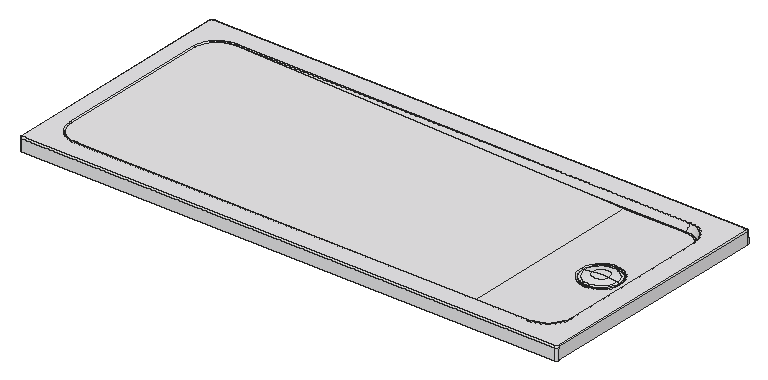
Revit family "Shower-Base-KOHLER-UK-400892", category Plumbing Fixtures, host Face, Revit 2017
Family settings
  Host = Face
  Round Connector Dimension = Use Diameter
  Part Type = Normal
  OmniClass Number = 23.31.17.13
  OmniClass Title = Shower Receptors
  Cut with Voids When Loaded = No
  Shared = No
  Room Calculation Point = No
Parameters (values of type "White")
  Width = 66 15/16"  # constant formula
  WaterSense Certified = 1 = 0  # no
  Waste Water Outlet = "Waste Water Outlet"  # constant formula
  Waste Connection = 1 = 1  # yes
  Vent Connection = 1 = 0  # no
  URL = "https://www.kohler.co.uk/"
  Type = 1
  Product Page URL = ""
  Product Name = "UK"  # constant formula
  Product Documentation Link = ""
  Pressure = 0.00 psi
  Model = "400892"  # constant formula
  Material = "Acrylic Capped ABS"  # constant formula
  Master Format 2014 Name = "Residential Showers"  # constant formula
  Master Format 2014 = "22 42 23"  # constant formula
  Manufacturer Address = "Cromwell Road, Cheltenham, Gloucestershire. GL52 5EP Registered in England No. 252115"  # constant formula
  Manufacturer = "KOHLER Co."  # constant formula
  Length = 29 59/64"  # constant formula
  Hot Water Inlet = "Hot Water Inlet"  # constant formula
  Height = 1 141/256"  # constant formula
  HW Connection = 1 = 0  # no
  Flow Rate = 0 GPM
  Finish = KOHLER-Acrylic-0-White
  Environmental Product Declaration = ""
  Drain Included = 1 = 1  # yes
  Description = "Kohler UK 1700 x 760 LOW TRAY"  # constant formula
  Default Elevation = 0"
  Declare Label = ""
  Date Modified = "08/22/2021"  # constant formula
  Date Created = "08/22/2021"  # constant formula
  Copyright = "Copyright KOHLER Co."  # constant formula
  Contact Us = "https://www.kohler.co.uk/support/contact/"
  Cold Water Inlet = "Cold Water Inlet"  # constant formula
  CW Connection = 1 = 0  # no
  Assembly Code = "D2010700"
  ADA Compliant = 1 = 0  # no
Reference planes (in)
  plane 1 "Center (Front/Back)": y = 0
  plane 2: z = 0
  plane 3 "Center (Left/Right)": x = 0
  plane 4: x = -33.46875
  plane 5: x = 33.46875
  plane 6: x = 26.97269
  plane 7: y = 14.96063
  plane 8: x = -30.79946
  plane 9: y = -14.96125
  plane 10: x = 30.79946
  plane 11: y = 12.29134
  plane 12: y = -12.29195
  plane 13: z = 1.55078
Dimensions and locks (in)
  "Width": plane 4 to plane 5
  "Length": plane 9 to plane 7
  plane 4 to plane 8 = 2.66929"
  plane 12 to plane 9 = 2.66929"
  plane 6 to plane 5 = 6.49606"
  "Height": plane 13 to level
  aligned and locked: plane 2 to host face
  aligned and locked: level to host face
Automatic sketch dimensions
  host sketch curve to host sketch curve = 96"  (x2)
Nested families (in)
  nested 1: "400892" at (13.78371, 0, 0), type "400892"
Connectors (in)
  piping at (26.97269, 0, 0), diameter 1.77344, driven by "Waste Connection", driven by "Waste Water Outlet"
    settings: on nested 1, index 1, connector inside diameter 24", connector length 0", flow factor 0, pipe flow 0 GPM, pressure drop 0.00 psi, fitting loss kfactor 0, connector angle 0.00°, fixture units 0, engagement length 0", angle of deflection 0.00°, flow configuration 0, flow direction 2, fitting loss method 0, system type 16, joint type 0, gender type 0, connector reference index -1, connector utility 1, adjustable connector no, is connector primary yes, connector description "Waste Water Outlet"
Definition of nested family "400892"
  Parameters (values of type "400892")
    Material = none
  Reference planes (in)
    plane 1 "Center (Front/Back)": y = 0
    plane 2: z = 0
    plane 3 "Center (Left/Right)": x = 0
    plane 4: x = -47.25246
    plane 5: x = 19.68504
    plane 6: x = 13.18898
    plane 7: x = -44.58317
    plane 8: x = -13.78371
    plane 9: y = 14.96063
    plane 10: y = -14.96063
    plane 11: x = 17.01575
    plane 12: z = 1.55118
    plane 13: y = 12.29134
    plane 14: y = -12.29134
  Forms (in)
    Sweep 1, solid, material <- "Material", detail levels medium+fine
      path origin (0, 0, 0) x (1, 0, 0) y (0, 1, 0)
        loop
          line (-47.24409, 14.65169) -> (-47.24409, -14.65169)
          arc (-47.24409, -14.65169) -> (-47.15361, -14.87014) -> (-46.93515, -14.96063) r 0.30894
          line (-46.93515, -14.96063) -> (19.3761, -14.96063)
          arc (19.3761, -14.96063) -> (19.59455, -14.87014) -> (19.68504, -14.65169) r 0.30894
          line (19.68504, -14.65169) -> (19.68504, 14.65169)
          arc (19.68504, 14.65169) -> (19.59455, 14.87014) -> (19.3761, 14.96063) r 0.30894
          line (19.3761, 14.96063) -> (-46.93515, 14.96063)
          arc (-46.93515, 14.96063) -> (-47.15361, 14.87014) -> (-47.24409, 14.65169) r 0.30894
      profile origin (-47.24409, 0, 0) x (1, 0, 0) y (0, 0, 1)
        loop
          line (0.00064, 0) -> (0.18658, 0) -> (0.18658, 1.55118) -> (0.15574, 1.55118)
          arc (0.15574, 1.55118) -> (0.07374, 1.51784) -> (0.03827, 1.43674) r 0.11752
          line (0.03827, 1.43674) -> (0.00064, 0)
    Sweep 2, solid, material <- "Material", detail levels medium+fine
      path origin (0, 0, 0) x (1, 0, 0) y (0, 1, 0)
        loop
          line (-44.45069, 9.63632) -> (-44.45069, -9.63632)
          arc (-44.45069, -9.63632) -> (-43.81647, -11.16746) -> (-42.28533, -11.80167) r 2.16535
          line (-42.28533, -11.80167) -> (14.28496, -11.80167)
          arc (14.28496, -11.80167) -> (15.8161, -11.16746) -> (16.45032, -9.63632) r 2.16535
          line (16.45032, -9.63632) -> (16.45032, 9.63632)
          arc (16.45032, 9.63632) -> (15.8161, 11.16746) -> (14.28496, 11.80167) r 2.16535
          line (14.28496, 11.80167) -> (-42.28533, 11.80167)
          arc (-42.28533, 11.80167) -> (-43.81647, 11.16746) -> (-44.45069, 9.63632) r 2.16535
      profile origin (16.45032, 0, 0) x (1, 0, 0) y (0, 0, 1)
        loop
          arc (0.67515, 1.5502) -> (0.62891, 1.53672) -> (0.59716, 1.50051) r 0.08605
          line (0.59716, 1.50051) -> (0.21492, 0.6808)
          arc (0.21492, 0.6808) -> (0.17011, 0.6297) -> (0.10487, 0.61069) r 0.12143
          line (0.10487, 0.61069) -> (0, 0.61069) -> (0, 0) -> (0.74426, 0) -> (0.74426, 1.5502) -> (0.67515, 1.5502)
    Extrusion 3, solid, material <- "Material", detail levels medium+fine
      sketch origin (0, 0, 0) x (1, 0, 0) y (0, 1, 0)
        loop
          line (17.19458, -9.63632) -> (17.19458, 9.63632)
          arc (17.19458, 9.63632) -> (16.34237, 11.69373) -> (14.28496, 12.54594) r 2.90962
          line (14.28496, 12.54594) -> (-42.28533, 12.54594)
          arc (-42.28533, 12.54594) -> (-44.34274, 11.69373) -> (-45.19495, 9.63632) r 2.90962
          line (-45.19495, 9.63632) -> (-45.19495, -9.63632)
          arc (-45.19495, -9.63632) -> (-44.34274, -11.69373) -> (-42.28533, -12.54594) r 2.90962
          line (-42.28533, -12.54594) -> (14.28496, -12.54594)
          arc (14.28496, -12.54594) -> (16.34237, -11.69373) -> (17.19458, -9.63632) r 2.90962
        loop
          arc (19.3761, -14.77405) -> (19.46262, -14.73821) -> (19.49846, -14.65169) r 0.12236
          line (19.49846, -14.65169) -> (19.49846, 14.65169)
          arc (19.49846, 14.65169) -> (19.46262, 14.73821) -> (19.3761, 14.77405) r 0.12236
          line (19.3761, 14.77405) -> (-46.93515, 14.77405)
          arc (-46.93515, 14.77405) -> (-47.02167, 14.73821) -> (-47.05751, 14.65169) r 0.12236
          line (-47.05751, 14.65169) -> (-47.05751, -14.65169)
          arc (-47.05751, -14.65169) -> (-47.02167, -14.73821) -> (-46.93515, -14.77405) r 0.12236
          line (-46.93515, -14.77405) -> (19.3761, -14.77405)
      from 0 to 1.55118
    Extrusion 4, solid, material <- "Material", detail levels medium+fine
      sketch origin (0, 0, 0) x (1, 0, 0) y (0, 1, 0)
        loop
          arc (-42.28533, 12.98278) -> (-44.34274, 12.13057) -> (-45.19495, 10.07316) r 2.90962
          line (-45.19495, 10.07316) -> (-45.19495, -10.07316)
          arc (-45.19495, -10.07316) -> (-44.34274, -12.13057) -> (-42.28533, -12.98278) r 2.90962
          line (-42.28533, -12.98278) -> (14.28496, -12.98278)
          arc (14.28496, -12.98278) -> (16.34237, -12.13057) -> (17.19458, -10.07316) r 2.90962
          line (17.19458, -10.07316) -> (17.19458, 10.07316)
          arc (17.19458, 10.07316) -> (16.34237, 12.13057) -> (14.28496, 12.98278) r 2.90962
          line (14.28496, 12.98278) -> (-42.28533, 12.98278)
      from 0 to 0.61069
    Extrusion 5, solid, material <- "Material", detail levels medium+fine
      sketch origin (0, 0, 0) x (1, 0, 0) y (0, 0, 1)
        loop
          line (-45.79235, 1.52188) -> (-45.79235, 0.27134) -> (10.64181, 0.27134) -> (10.64181, 0.53841) -> (-45.79235, 1.52188)
      from -12.98278 to 12.98278
    Revolve 6, void
      sketch origin (0, 0, 0) x (1, 0, 0) y (0, 0, 1)
        loop
          line (13.18898, 0.61069) -> (10.69274, 0.61069)
          arc (10.69274, 0.61069) -> (10.79972, 0.57015) -> (10.85299, 0.46891) r 0.16145
          arc (10.85299, 0.46891) -> (10.89377, 0.38886) -> (10.97647, 0.35375) r 0.13134
          line (10.97647, 0.35375) -> (11.29827, 0.33689)
          arc (11.29827, 0.33689) -> (11.38715, 0.29591) -> (11.42342, 0.205) r 0.13206
          line (11.42342, 0.205) -> (11.42342, 0.04921) -> (13.18898, 0.04921) -> (13.18898, 0.61069)
        axis (13.18898, 0.61069) -> (13.18898, 0.04921)
      angle from 0 to 360
    Revolve 7, solid, detail levels medium+fine
      sketch origin (0, 0, 0) x (1, 0, 0) y (0, 0, 1)
        loop
          arc (12.20594, 0.82873) -> (11.70777, 0.76396) -> (11.21368, 0.67311) r 9.5597
          arc (11.21368, 0.67311) -> (11.05913, 0.63913) -> (10.90515, 0.6026) r 9.5597
          arc (10.90515, 0.6026) -> (10.87312, 0.57863) -> (10.86808, 0.53894) r 0.05123
          arc (10.86808, 0.53894) -> (10.88165, 0.50167) -> (10.90057, 0.46682) r 0.26756
          arc (10.90057, 0.46682) -> (10.95181, 0.41914) -> (11.01962, 0.40184) r 0.14155
          line (11.01962, 0.40184) -> (11.34496, 0.40184)
          arc (11.34496, 0.40184) -> (11.4528, 0.35717) -> (11.49747, 0.24933) r 0.15251
          line (11.49747, 0.24933) -> (11.49747, 0.14287)
          arc (11.49747, 0.14287) -> (11.51069, 0.11097) -> (11.54258, 0.09776) r 0.04511
          line (11.54258, 0.09776) -> (13.18898, 0.09776) -> (13.18898, 0.87941)
          arc (13.18898, 0.87941) -> (12.69681, 0.86673) -> (12.20594, 0.82873) r 9.5597
        axis (13.18898, 0.09776) -> (13.18898, 0.87941)
      angle from 0 to 360
    Extrusion 8, solid, material <- "Material", detail levels coarse
      sketch origin (0, 0, 0) x (1, 0, 0) y (0, 1, 0)
        loop
          line (-47.24409, 14.96063) -> (-47.24409, -14.96063) -> (19.68504, -14.96063) -> (19.68504, 14.96063) -> (-47.24409, 14.96063)
      from 0 to 1.5502
    Extrusion 9, void
      sketch origin (0, 0, 0) x (1, 0, 0) y (0, 1, 0)
        loop
          arc (-41.5119, 11.80167) -> (-43.56931, 10.94947) -> (-44.42151, 8.89206) r 2.90962
          line (-44.42151, 8.89206) -> (-44.42151, -8.89206)
          arc (-44.42151, -8.89206) -> (-43.56931, -10.94947) -> (-41.5119, -11.80167) r 2.90962
          line (-41.5119, -11.80167) -> (14.22246, -11.80167)
          arc (14.22246, -11.80167) -> (16.27987, -10.94947) -> (17.13208, -8.89206) r 2.90962
          line (17.13208, -8.89206) -> (17.13208, 8.89206)
          arc (17.13208, 8.89206) -> (16.27987, 10.94947) -> (14.22246, 11.80167) r 2.90962
          line (14.22246, 11.80167) -> (-41.5119, 11.80167)
      from 0.58571 to 2.83896
    Extrusion 10, solid, material <- "Material", detail levels medium+fine
      sketch origin (0, 0, 0) x (1, 0, 0) y (0, 1, 0)
        loop
          circle (13.18898, 0) r 0.11247
      from 0 to 0.04921
  Cuts and joins
    Extrusion 9 cuts Extrusion 8
    Revolve 6 cuts Extrusion 4
    joined: Sweep 1, Sweep 2, Extrusion 3, Extrusion 4, Extrusion 5
  Lines and regions (in)
    Masking region 1
      outline origin (0, 0, 0) x (1, 0, 0) y (0, 1, 0)
        loop
          arc (-46.94399, 14.96063) -> (-47.16211, 14.87028) -> (-47.25246, 14.65216) r 0.30847
          line (-47.25246, 14.65216) -> (-47.25246, -14.65216)
          arc (-47.25246, -14.65216) -> (-47.16211, -14.87028) -> (-46.94399, -14.96063) r 0.30847
          line (-46.94399, -14.96063) -> (19.37657, -14.96063)
          arc (19.37657, -14.96063) -> (19.59469, -14.87028) -> (19.68504, -14.65216) r 0.30847
          line (19.68504, -14.65216) -> (19.68504, 14.65216)
          arc (19.68504, 14.65216) -> (19.59469, 14.87028) -> (19.37657, 14.96063) r 0.30847
          line (19.37657, 14.96063) -> (-46.94399, 14.96063)
    Masking region 2
      outline origin (0, 0, 0) x (1, 0, 0) y (0, 0, 1)
        loop
          arc (-47.09085, 1.55097) -> (-47.17163, 1.51811) -> (-47.20656, 1.43821) r 0.11576
          line (-47.20656, 1.43821) -> (-47.2438, 0) -> (19.68474, 0) -> (19.64751, 1.43821)
          arc (19.64751, 1.43821) -> (19.61258, 1.51811) -> (19.53179, 1.55097) r 0.11576
          line (19.53179, 1.55097) -> (-47.09085, 1.55097)
    Masking region 3
      outline origin (0, 0, 0) x (0, 1, 0) y (0, 0, 1)
        loop
          line (14.80363, 1.5502) -> (-14.80363, 1.5502)
          arc (-14.80363, 1.5502) -> (-14.88693, 1.51633) -> (-14.92295, 1.43395) r 0.11935
          line (-14.92295, 1.43395) -> (-14.96031, 0) -> (14.96031, 0) -> (14.92295, 1.43395)
          arc (14.92295, 1.43395) -> (14.88693, 1.51633) -> (14.80363, 1.5502) r 0.11935
    symbolic lines, detail levels medium+fine
      curve 1: arc (-46.94492, 14.83901, 0) -> (-47.07952, 14.78326, 0) -> (-47.13527, 14.64866, 0) r 0.19036
      curve 2: line (-47.13527, 14.64866, 0) -> (-47.13527, -14.64866, 0)
      curve 3: line (19.56693, -14.64866, 0) -> (19.56693, 14.64866, 0)
      curve 4: arc (19.56693, 14.64866, 0) -> (19.51117, 14.78326, 0) -> (19.37657, 14.83901, 0) r 0.19036
      curve 5: line (19.37657, 14.83901, 0) -> (-46.94492, 14.83901, 0)
      curve 6: line (17.13208, -9.58228, 0) -> (17.13208, 9.58223, 0)
      curve 8: line (16.5748, 9.48389, 0) -> (16.5748, -9.48395, 0)
      curve 9: line (16.45669, 9.48389, 0) -> (16.45669, -9.48395, 0)
      curve 11: circle (13.18898, 0, 0) r 2.30906 normal (0, 0, 1)
      curve 12: circle (13.18898, 0, 0) r 1.88609 normal (0, 0, 1)
      curve 13: line (-47.20557, 0, 1.46204) -> (19.64719, 0, 1.46204)
      curve 14: line (0, 14.92016, 1.45856) -> (0, -14.91973, 1.45856)
      curve 15: line (-44.74675, 9.58223, 0) -> (-44.74675, -9.58228, 0)
      curve 17: line (-44.18947, 9.48389, 0) -> (-44.18947, -9.48395, 0)
      curve 18: line (-44.07136, 9.48389, 0) -> (-44.07136, -9.48395, 0)
      curve 19: arc (17.13208, 9.58223, 0) -> (16.27987, 11.63963, 0) -> (14.22246, 12.49184, 0) r 2.90962
      curve 20: line (14.22246, 12.49184, 0) -> (-41.83713, 12.49184, 0)
      curve 23: line (-41.77578, 11.89758, 0) -> (14.16111, 11.89758, 0)
      curve 24: arc (16.5748, 9.48389, 0) -> (15.86785, 11.19063, 0) -> (14.16111, 11.89758, 0) r 2.41369
      curve 25: line (-41.77578, 11.77947, 0) -> (14.16111, 11.77947, 0)
      curve 26: arc (16.45669, 9.48389, 0) -> (15.78433, 11.10711, 0) -> (14.16111, 11.77947, 0) r 2.29558
      curve 27: arc (-41.83713, 12.49184, 0) -> (-43.89454, 11.63963, 0) -> (-44.74675, 9.58223, 0) r 2.90962
      curve 29: arc (-44.18947, 9.48389, 0) -> (-43.48251, 11.19063, 0) -> (-41.77578, 11.89758, 0) r 2.41369
      curve 30: arc (-44.07136, 9.48389, 0) -> (-43.399, 11.10711, 0) -> (-41.77578, 11.77947, 0) r 2.29558
      curve 31: line (-41.83713, -12.4919, 0) -> (14.22246, -12.4919, 0)
      curve 32: arc (14.22246, -12.4919, 0) -> (16.27987, -11.63969, 0) -> (17.13208, -9.58228, 0) r 2.90962
      curve 35: arc (16.5748, -9.48395, 0) -> (15.86785, -11.19068, 0) -> (14.16111, -11.89764, 0) r 2.41369
      curve 36: line (-41.77578, -11.89764, 0) -> (14.16111, -11.89764, 0)
      curve 37: arc (16.45669, -9.48395, 0) -> (15.78433, -11.10717, 0) -> (14.16111, -11.77953, 0) r 2.29558
      curve 38: line (-41.77578, -11.77953, 0) -> (14.16111, -11.77953, 0)
      curve 39: arc (-44.74675, -9.58228, 0) -> (-43.89454, -11.63969, 0) -> (-41.83713, -12.4919, 0) r 2.90962
      curve 41: arc (-44.18947, -9.48395, 0) -> (-43.48251, -11.19068, 0) -> (-41.77578, -11.89764, 0) r 2.41369
      curve 42: arc (-44.07136, -9.48395, 0) -> (-43.399, -11.10717, 0) -> (-41.77578, -11.77953, 0) r 2.29558
      curve 43: line (19.3761, 0, 0) -> (19.3761, 0, 1.55118)
      curve 44: line (-46.93515, 0, 0) -> (-46.93515, 0, 1.5625)
      curve 45: line (0, 14.74569, 0) -> (0, 14.74569, 1.5502)
      curve 46: arc (-46.94492, -14.83901, 0) -> (-47.07952, -14.78326, 0) -> (-47.13527, -14.64866, 0) r 0.19036
      curve 47: arc (19.56693, -14.64866, 0) -> (19.51117, -14.78326, 0) -> (19.37657, -14.83901, 0) r 0.19036
      curve 48: line (19.37657, -14.83901, 0) -> (-46.94492, -14.83901, 0)
      curve 49: line (0, -14.74569, 0) -> (0, -14.74569, 1.5502)
    symbolic lines
      curve 7: line (16.9685, 9.48389, 0) -> (16.9685, -9.48395, 0)
      curve 10: circle (13.18898, 0, 0) r 2.48395 normal (0, 0, 1)
      curve 16: line (-44.58317, 9.48389, 0) -> (-44.58317, -9.48395, 0)
      curve 21: line (-41.77578, 12.29128, 0) -> (14.16111, 12.29128, 0)
      curve 22: arc (16.9685, 9.48389, 0) -> (16.14624, 11.46902, 0) -> (14.16111, 12.29128, 0) r 2.80739
      curve 28: arc (-44.58317, 9.48389, 0) -> (-43.7609, 11.46902, 0) -> (-41.77578, 12.29128, 0) r 2.80739
      curve 33: line (-41.77578, -12.29134, 0) -> (14.16111, -12.29134, 0)
      curve 34: arc (16.9685, -9.48395, 0) -> (16.14624, -11.46907, 0) -> (14.16111, -12.29134, 0) r 2.80739
      curve 40: arc (-44.58317, -9.48395, 0) -> (-43.7609, -11.46907, 0) -> (-41.77578, -12.29134, 0) r 2.80739
  Dimensions and locks (in)
    plane 6 to plane 5 = 6.49606"
    plane 4 to plane 5 = 66 15/16"
    equal spacing: plane 4, plane 8, plane 5
    plane 12 to level = 1.55118"
    plane 9 to plane 13 = 2.66929"
    plane 4 to plane 7 = 2.66929"
    aligned and locked: plane 2 to level
  Automatic sketch dimensions
    Sweep 1 sketch curve to plane 5 = 0"
    plane 5 to Sweep 1 sketch curve = 0.30894"
    Sweep 1 sketch curve to Sweep 1 sketch curve = 0.30894"
    plane 4 to Sweep 1 sketch curve = 0.31731"  (x2)
    plane 4 to Sweep 1 sketch curve = 0.00837"
    Sweep 1 sketch curve to level = 0"
    Sweep 1 sketch curve to profile plane = 0.00064"
    Sweep 1 sketch curve to profile plane = 0.03827"
    Sweep 1 sketch curve to profile plane = 0.15574"
    Sweep 1 sketch curve to Sweep 1 sketch curve = 0.03084"
    level to Sweep 1 sketch curve = 1.43366"
    Sweep 1 sketch curve to Sweep 1 sketch curve = 0.00308"
    plane 7 to Sweep 2 sketch curve = 0.13248"
    plane 7 to Sweep 2 sketch curve = 2.29784"
    Sweep 2 sketch curve to Sweep 2 sketch curve = 2.16535"  (x2)
    plane 6 to Sweep 2 sketch curve = 1.09599"  (x2)
    Sweep 2 sketch curve to level = 0"
    profile plane to Sweep 2 sketch curve = 0"
    Sweep 2 sketch curve to profile plane = 0.10487"
    Sweep 2 sketch curve to Sweep 2 sketch curve = 0.11006"
    Sweep 2 sketch curve to profile plane = 0.59716"
    Sweep 2 sketch curve to Sweep 2 sketch curve = 0.07799"
    Sweep 2 sketch curve to Sweep 2 sketch curve = 0.06911"
    level to Sweep 2 sketch curve = 0.61069"
    Sweep 2 sketch curve to Sweep 2 sketch curve = 0.07011"
    Sweep 2 sketch curve to Sweep 2 sketch curve = 0.78335"
    Sweep 2 sketch curve to Sweep 2 sketch curve = 0.03637"
    Extrusion 4 sketch curve to plane 7 = 0.61178"
    plane 7 to Extrusion 4 sketch curve = 2.29784"  (x2)
    plane 6 to Extrusion 4 sketch curve = 1.09599"  (x2)
    Extrusion 5 sketch curve to plane 7 = 1.20918"
    level to Extrusion 5 sketch curve = 0.27134"
    Extrusion 5 sketch curve to plane 6 = 2.54717"
    Extrusion 5 sketch curve to Extrusion 5 sketch curve = 0.26707"
    Revolve 6 sketch curve to plane 6 = 0"  (x2)
    level to Revolve 6 sketch curve = 0.04921"
    Revolve 6 sketch curve to Revolve 6 sketch curve = 1.76556"
    level to Revolve 6 sketch curve = 0.33689"
    Revolve 6 sketch curve to Revolve 6 sketch curve = 0.12515"
    Revolve 6 sketch curve to Revolve 6 sketch curve = 0.13206"
    Revolve 6 sketch curve to Revolve 6 sketch curve = 0.31492"
    level to Revolve 6 sketch curve = 0.35375"
    Revolve 6 sketch curve to Revolve 6 sketch curve = 0.00687"
    Revolve 6 sketch curve to Revolve 6 sketch curve = 0.29061"
    Revolve 6 sketch curve to Revolve 6 sketch curve = 0.09549"
    Revolve 6 sketch curve to Revolve 6 sketch curve = 0.13116"
    Revolve 6 sketch curve to Revolve 6 sketch curve = 0.56147"
    Revolve 6 sketch curve to Revolve 6 sketch curve = 0"  (x2)
    Revolve 6 sketch curve to level = 0.08895"
    Revolve 6 sketch curve to Revolve 6 sketch curve = 0.1576"
    Revolve 7 sketch curve to Revolve 7 sketch curve = 0"  (x6)
    Revolve 7 sketch curve to plane 6 = 0"  (x2)
    level to Revolve 7 sketch curve = 0.14287"
    Revolve 7 sketch curve to plane 6 = 1.64639"
    Revolve 7 sketch curve to Revolve 7 sketch curve = 0.04511"
    Revolve 7 sketch curve to Revolve 7 sketch curve = 0.15251"
    Revolve 7 sketch curve to Revolve 7 sketch curve = 0.21935"
    Revolve 7 sketch curve to Revolve 7 sketch curve = 0.10599"
    Revolve 7 sketch curve to Revolve 7 sketch curve = 0.10222"
    Revolve 7 sketch curve to level = 8.6803"
    Revolve 7 sketch curve to Revolve 7 sketch curve = 0.10646"
    Revolve 7 sketch curve to Revolve 7 sketch curve = 0.14155"
    Revolve 7 sketch curve to Revolve 7 sketch curve = 0.00946"
    Revolve 7 sketch curve to Revolve 7 sketch curve = 0.06817"
    Revolve 7 sketch curve to Revolve 7 sketch curve = 0.08808"
    Masking region 1 sketch curve to plane 4 = 0"
    Masking region 1 sketch curve to plane 5 = 0"
    plane 4 to Masking region 1 sketch curve = 0.30847"  (x2)
    plane 5 to Masking region 1 sketch curve = 0.30847"  (x2)
    Masking region 2 sketch curve to level = 0"
    plane 5 to Masking region 2 sketch curve = 0.0003"
    plane 5 to Masking region 2 sketch curve = 0.03753"
    Masking region 2 sketch curve to Masking region 2 sketch curve = 0.11572"
    plane 4 to Masking region 2 sketch curve = 0.16161"
    plane 4 to Masking region 2 sketch curve = 0.0459"
    plane 4 to Masking region 2 sketch curve = 0.00867"
    Masking region 2 sketch curve to Masking region 2 sketch curve = 0.11576"  (x2)
    Masking region 3 sketch curve to level = 0"
    Masking region 3 sketch curve to Masking region 3 sketch curve = 0.11935"  (x2)
    Extrusion 8 sketch curve to plane 5 = 0"
    plane 4 to Extrusion 8 sketch curve = 0.00837"
    plane 7 to Extrusion 9 sketch curve = 0.16166"
    Extrusion 9 sketch curve to Extrusion 9 sketch curve = 2.90962"  (x2)
    plane 6 to Extrusion 9 sketch curve = 1.03349"  (x2)
    plane 1 "Center (Front/Back)" to Extrusion 10 sketch curve = 0"
    Extrusion 10 sketch curve to plane 6 = 0"
    Masking region 3 sketch curve to Masking region 3 sketch curve = 0.03736"  (x2)
    Sweep 1 sketch curve to plane 1 "Center (Front/Back)" = 14.65169"
    Sweep 2 sketch curve to plane 1 "Center (Front/Back)" = 9.63632"
    Extrusion 4 sketch curve to plane 1 "Center (Front/Back)" = 10.07316"
    Masking region 1 sketch curve to plane 1 "Center (Front/Back)" = 14.65216"
    Masking region 3 sketch curve to plane 1 "Center (Front/Back)" = 14.80363"
    Extrusion 8 sketch curve to plane 1 "Center (Front/Back)" = 14.96063"
    Extrusion 9 sketch curve to plane 1 "Center (Front/Back)" = 8.89206"
    plane 1 "Center (Front/Back)" to Sweep 1 sketch curve = 14.65169"
    plane 1 "Center (Front/Back)" to Sweep 2 sketch curve = 9.63632"
    plane 1 "Center (Front/Back)" to Extrusion 4 sketch curve = 10.07316"
    plane 1 "Center (Front/Back)" to Masking region 1 sketch curve = 14.65216"
    plane 1 "Center (Front/Back)" to Masking region 3 sketch curve = 14.80363"
    plane 1 "Center (Front/Back)" to Extrusion 8 sketch curve = 14.96063"
    plane 1 "Center (Front/Back)" to Extrusion 9 sketch curve = 8.89206"
    plane 5 to Extrusion 9 sketch curve = 2.55296"
    Extrusion 5 sketch curve to Extrusion 5 sketch curve = 1.25054"
    Revolve 7 sketch curve to Revolve 7 sketch curve = 0.78165"
    level to Revolve 7 sketch curve = 0.82873"
    Revolve 7 sketch curve to Revolve 7 sketch curve = 0.50668"
    Revolve 7 sketch curve to Revolve 7 sketch curve = 0.32517"
    level to Masking region 2 sketch curve = 1.43521"
    level to Masking region 3 sketch curve = 1.43395"  (x2)
    Masking region 3 sketch curve to Masking region 3 sketch curve = 0.11931"
    curve 49 to level = 0"
    curve 45 to level = 0"
    curve 14 to plane 10 = 0.0409"
    curve 49 to plane 10 = 0.21494"
    plane 12 to curve 45 = 0.00098"
    curve 45 to plane 9 = 0.21494"
    curve 14 to plane 9 = 0.04047"
    plane 12 to curve 14 = 0.09262"
    plane 12 to curve 49 = 0.00098"
    Extrusion 3 sketch curve to plane 11 = 0.17883"
    plane 5 to Extrusion 3 sketch curve = 0.30894"
    Extrusion 3 sketch curve to plane 10 = 0.30894"
    Extrusion 3 sketch curve to Extrusion 3 sketch curve = 0.12236"  (x4)
    Extrusion 3 sketch curve to plane 9 = 0.30894"
    plane 4 to Extrusion 3 sketch curve = 0.31731"
    Extrusion 3 sketch curve to plane 7 = 0.61178"
    plane 6 to Extrusion 3 sketch curve = 1.09599"  (x2)
    plane 7 to Extrusion 3 sketch curve = 2.29784"  (x2)
    curve 44 to level = 0"
    curve 43 to plane 12 = 0"
    curve 43 to level = 0"
    plane 4 to curve 13 = 3/64"
    plane 4 to curve 44 = 0.31731"
    plane 5 to curve 43 = 0.30894"
    plane 5 to curve 13 = 0.03785"
    plane 12 to curve 13 = 0.08914"
    curve 44 to plane 12 = 0.01132"
    Extrusion 3 sketch curve to Extrusion 3 sketch curve = 5.01537"
    Extrusion 3 sketch curve to plane 10 = 2.41469"
    Extrusion 4 sketch curve to plane 11 = 0.17883"
    curve 10 to curve 11 = 0"  (x2)
    curve 10 to curve 12 = 0"  (x2)
    curve 11 to curve 12 = 0"  (x2)
    curve 22 to curve 24 = 0"  (x2)
    curve 22 to curve 26 = 0"  (x2)
    curve 24 to curve 26 = 0"  (x2)
    curve 28 to curve 29 = 0"  (x2)
    curve 28 to curve 30 = 0"  (x2)
    curve 29 to curve 30 = 0"  (x2)
    curve 34 to curve 35 = 0"  (x2)
    curve 34 to curve 37 = 0"  (x2)
    curve 35 to curve 37 = 0"  (x2)
    curve 40 to curve 41 = 0"  (x2)
    curve 40 to curve 42 = 0"  (x2)
    curve 41 to curve 42 = 0"  (x2)
    curve 16 to plane 7 = 0"
    plane 14 to curve 33 = 0"
    plane 1 "Center (Front/Back)" to curve 10 = 0"
    curve 10 to plane 6 = 0"
    curve 15 to plane 7 = 0.16358"
    curve 5 to plane 9 = 0.12162"
    plane 4 to curve 5 = 0.30755"
    curve 48 to plane 10 = 0.12162"
    plane 4 to curve 48 = 0.30755"
    plane 4 to curve 2 = 15/128"
    curve 16 to curve 17 = 0.3937"
    curve 17 to curve 18 = 0.11811"
    plane 14 to curve 31 = 0.20056"
    plane 7 to curve 31 = 2.74604"
    plane 13 to curve 20 = 0.2005"
    plane 7 to curve 20 = 2.74604"
    curve 39 to curve 36 = 0.06135"
    curve 21 to plane 13 = 0.00005"
    curve 20 to curve 21 = 0.06135"
    plane 6 to curve 25 = 0.97214"
    plane 6 to curve 38 = 0.97214"
    curve 22 to curve 19 = 0.06135"
    curve 33 to curve 31 = 0.06135"
    plane 11 to curve 9 = 0.55906"
    curve 6 to plane 11 = 0.11633"
    plane 5 to curve 47 = 0.30847"
    plane 5 to curve 4 = 0.30847"
    plane 5 to curve 3 = 0.11811"
    radius of Extrusion 10 sketch curve = 0.11247"
    radius of curve 10 = 2.48395"
    radius of curve 11 = 2.30906"
    radius of curve 12 = 1.88609"
